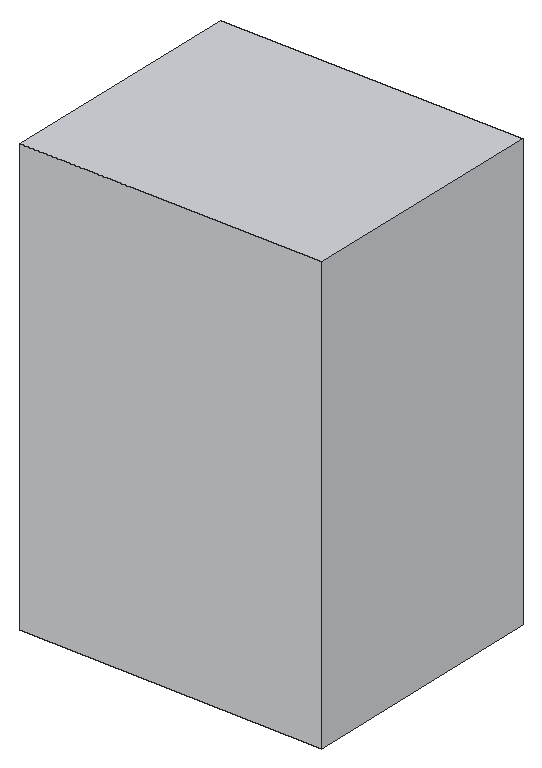
Revit family "CVC_Circulateur_Grundfos_Magna3-D", category Equipement de génie climatique, Revit 2026
Family settings
  Cote de connecteur circulaire = Utiliser le diamètre
  Type d'élément = Normal
  Basée sur le plan de construction = Non
  Toujours verticalement = Oui
  Couper avec des vides une fois chargée = Non
  Conserver l'orientation des annotations = Non
  Partagée = Non
  Repère de localisation dans la pièce = Non
Parameters (values of type "D 65-150F")
  Source = "CCTP lot 12 § 4.6.2"
  Modèle = "Magna3 D"
  Fabricant = "Grundfos"
  Elévation par défaut = 0 mm
  Description = "Circulateur double"
  Caractéristiques CCTP = "Circulateur double, circuits eau glycolée, pilotage 0-10 V"
  A vérifier = "Dimensions approximatives (360x300x520 mm), à vérifier"
Types (2, lengths in mm): name | Caractéristiques CCTP
  D 65-150F | "Circulateur double, circuits eau glycolée, pilotage 0-10 V"
  D 65-80F | "Circulateur double, circuits primaires PAC, pilotage 0-10 V"
Reference planes
  plane 1 "Centre (avant/arrière)": y = 0
  plane 2: z = 0
  plane 3 "Centre (gauche/droite)": x = 0
Forms (mm)
  Extrusion 1, solid
    sketch origin (0, 0, 0) x (1, 0, 0) y (0, 1, 0)
      loop
        line (-180, -150) -> (180, -150) -> (180, 150) -> (-180, 150) -> (-180, -150)
    from 0 to 520
  Extrusion 2, solid
    sketch origin (0, 0, 520) x (1, 0, 0) y (0, 1, 0)
      loop
        circle (-120, 0) r 32.5
    from 0 to 60
  Extrusion 3, solid
    sketch origin (0, 0, 520) x (1, 0, 0) y (0, 1, 0)
      loop
        circle (120, 0) r 32.5
    from 0 to 60
Dimensions and locks
  aligned and locked: level to plane 2
Connectors
  piping at (-120, 0, 580), diameter 65
    settings: on Extrusion 2, index 1, connector inside diameter 609.6 mm, connector length 0 mm, flow factor 0, pipe flow 0.0 L/s, pressure drop 0.0 Pa, fitting loss kfactor 0, connector angle 0.00°, fixture units 0, engagement length 0 mm, angle of deflection 0.00°, flow configuration 0, flow direction 0, fitting loss method 0, system type 8, joint type 0, gender type 0, connector reference index -1, connector utility 0, adjustable connector no, is connector primary yes, connector description "Aspiration"
  piping at (120, 0, 580), diameter 65
    settings: on Extrusion 3, index 2, connector inside diameter 609.6 mm, connector length 0 mm, flow factor 0, pipe flow 0.0 L/s, pressure drop 0.0 Pa, fitting loss kfactor 0, connector angle 0.00°, fixture units 0, engagement length 0 mm, angle of deflection 0.00°, flow configuration 0, flow direction 0, fitting loss method 0, system type 7, joint type 0, gender type 0, connector reference index -1, connector utility 0, adjustable connector no, is connector primary no, connector description "Refoulement"
